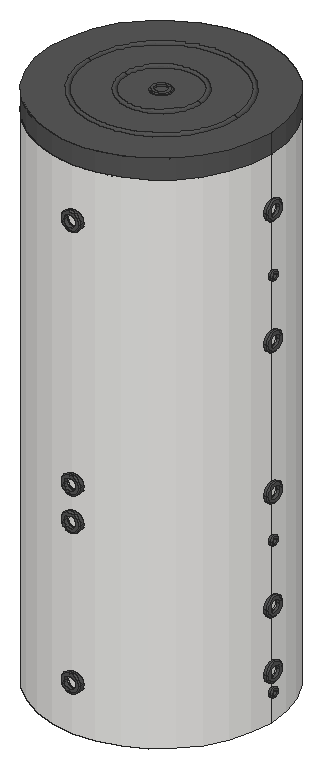
Revit family "S-tank_HFWT-DUO", category Оборудование, Revit 2019
Family settings
  Размер круглого соединителя = Использовать диаметр
  Классификация = Нет
  Тип детали = Нормальный
  На основе рабочей плоскости = Нет
  Всегда вертикально = Да
  При загрузке вырезать с полостями = Нет
  Общий = Нет
  Точка расчета площади = Нет
Parameters (values of type "HFWT DUO 1000")
  Разработка семейств = "https://rubim.tech/"
  Диаметрсизоляцией = 920 mm
  shrf = 17.5 mm
  rd [instance] = Диаметрсизоляцией / 2  # 460 mm
  a = Диаметрсизоляцией / 6  # 153.333 mm
  P = 685 mm
  O = 1920 mm
  N = 935 mm
  M = 795 mm
  L = 195 mm
  K = 1920 mm
  I = 1675 mm
  H = 2205 mm
  E = 1430 mm
  DN2 = 15 mm
  DN1 = 40 mm
  D = 865 mm
  C = 440 mm
  B = 195 mm
  ADSK_Примечание [instance] = ""
  ADSK_Позиция [instance] = ""
  ADSK_Обозначение = "HFWT DUO 1000"
  ADSK_Наименование краткое [instance] = "БEсГВС"
  ADSK_Наименование = "Буферная емкость c ГВС"
  ADSK_Масса_Текст [instance] = ""
  ADSK_Масса = 225
  ADSK_Марка = "HFWT DUO 1000"
  ADSK_Количество [instance] = 1  # constant formula
  ADSK_Код изделия = "2.4005"
  ADSK_Завод-изготовитель = "ООО “С-ТЭНК ВОТЕР ХИТЕРС”"
  ADSK_Единица измерения = "шт."  # constant formula
  ADSK_Группирование = "Оборудование"
  ADSK_URL документации изделия = "http://s-tank.ru/hfwt-duo/"
  A = 117 mm
Types (8, lengths in mm): name | Диаметрсизоляцией | rd | a | P | O | N | M | L | K | I | H | E | D | C | B | ADSK_Обозначение | ADSK_Масса | ADSK_Марка | ADSK_Код изделия | A
  HFWT DUO 300 | 630 | 315 | 105 | 420 | 1360 | 570 | 430 | 210 | 1360 | 1200 | 1600 | 1040 | 500 | 340 | 210 | "HFWT DUO 300" | 152 | "HFWT DUO 300" | "2.4002" | 125
  HFWT DUO 500 | 780 | 390 | 130 | 445 | 1355 | 605 | 465 | 205 | 1355 | 1195 | 1680 | 1035 | 535 | 355 | 205 | "HFWT DUO 500" | 170 | "HFWT DUO 500" | "2.4003" | 122
  HFWT DUO 750 | 920 | 460 | 153.333 | 460 | 1345 | 645 | 505 | 195 | 1345 | 1185 | 1630 | 1025 | 575 | 345 | 195 | "HFWT DUO 750" | 200 | "HFWT DUO 750" | "2.4004" | 117
  HFWT DUO 1000 | 920 | 460 | 153.333 | 685 | 1920 | 935 | 795 | 195 | 1920 | 1675 | 2205 | 1430 | 865 | 440 | 195 | "HFWT DUO 1000" | 225 | "HFWT DUO 1000" | "2.4005" | 117
  HFWT DUO 1200 | 1070 | 535 | 178.333 | 645 | 1665 | 1060 | 870 | 265 | 1665 | 1475 | 2080 | 1285 | 965 | 455 | 265 | "HFWT DUO 1200" | 255 | "HFWT DUO 1200" | "2.4006" | 177
  HFWT DUO 1500 | 1070 | 535 | 178.333 | 775 | 2000 | 1265 | 1020 | 285 | 2000 | 1755 | 2370 | 1510 | 1142 | 530 | 285 | "HFWT DUO 1500" | 320 | "HFWT DUO 1500" | "2.4007" | 177
  HFWT DUO 2000 | 1350 | 675 | 225 | 730 | 1750 | 1145 | 955 | 350 | 1750 | 1560 | 2100 | 1370 | 1050 | 540 | 350 | "HFWT DUO 2000" | 0 | "HFWT DUO 2000" | "2.4008" | 250
  HFWT DUO 3000 | 1630 | 815 | 271.667 | 845 | 1865 | 1260 | 1070 | 465 | 1865 | 1675 | 2315 | 1485 | 1165 | 655 | 465 | "HFWT DUO 3000" | 0 | "HFWT DUO 3000" | "2.4009" | 332
Reference planes
  plane 1 "По центру (Вперед/Назад)": y = 0
  plane 2: z = 0
  plane 3 "По центру (Влево/Вправо)": x = 0
  plane 4: z = 117
  plane 5: z = 195
  plane 6: z = 440
  plane 7: z = 865
  plane 8: z = 2205
  plane 9: x = 460
  plane 10: x = -460
  plane 11: x = 153.333
  plane 12: x = 306.667
  plane 13: y = -460
  plane 14: y = 460
  plane 15: z = 1430
  plane 16: z = 1675
  plane 17: z = 1920
  plane 18: z = 195
  plane 19: z = 795
  plane 20: z = 1920
  plane 21: z = 935
  plane 22: z = 685
Forms (mm)
  Extrusion 1, solid, material "RB_Серая порошковая"
    sketch origin (0, 0, 0) x (1, 0, 0) y (0, 1, 0)
      loop
        circle (0, 0) r 460
    from 0 to 2125
  Extrusion 2, solid, material "RB_Черный пластик"
    sketch origin (0, 0, 0) x (1, 0, 0) y (0, 1, 0)
      loop
        circle (0, 0) r 460
    from 2125 to 2205
  Revolve 3, solid, material "RB_Черный пластик"
    sketch origin (0, 0, 0) x (1, 0, 0) y (0, 0, 1)
      loop
        line (145.833, 2205) -> (160.833, 2205)
        arc (160.833, 2205) -> (153.333, 2212.5) -> (145.833, 2205) r 7.5
      loop
        line (299.167, 2205) -> (314.167, 2205)
        arc (314.167, 2205) -> (306.667, 2212.5) -> (299.167, 2205) r 7.5
      axis (0, 2205) -> (0, 2206)
    angle from 0 to 360
  Extrusion 4, solid, material "Пластик синий", not visible
    sketch origin (-10, 0, 0) x (1, 0, 0) y (0, 0, 1)
      loop
        arc (-214.477, 2447.343) -> (-231.977, 2440.094) -> (-239.226, 2422.594) r 24.749
        line (-239.226, 2422.594) -> (-239.226, 2312.833)
        arc (-239.226, 2312.833) -> (-231.977, 2295.333) -> (-214.477, 2288.085) r 24.749
        line (-214.477, 2288.085) -> (236.536, 2288.085)
        arc (236.536, 2288.085) -> (254.036, 2295.333) -> (261.285, 2312.833) r 24.749
        line (261.285, 2312.833) -> (261.285, 2420.032)
        arc (261.285, 2420.032) -> (253.285, 2439.344) -> (233.974, 2447.343) r 27.311
        line (233.974, 2447.343) -> (-214.477, 2447.343)
      loop
        arc (-214.477, 2439.053) -> (-226.115, 2434.232) -> (-230.936, 2422.594) r 16.459
        line (-230.936, 2422.594) -> (-230.936, 2331.316) -> (252.994, 2331.316) -> (252.994, 2420.032)
        arc (252.994, 2420.032) -> (247.423, 2433.482) -> (233.974, 2439.053) r 19.021
        line (233.974, 2439.053) -> (-214.477, 2439.053)
      loop
        line (-115.968, 2397.309) -> (-115.968, 2379.809) -> (-65.968, 2379.809) -> (-65.968, 2397.309) -> (-115.968, 2397.309)
      loop
        line (-35.422, 2407.249) -> (-35.422, 2351.314) -> (-17.922, 2351.314) -> (-17.922, 2407.249) -> (3.349, 2407.249) -> (10.977, 2424.749) -> (-55.778, 2424.749) -> (-55.778, 2407.249) -> (-35.422, 2407.249)
      loop
        line (-4.413, 2351.314) -> (16.363, 2351.314) -> (21.205, 2358.883) -> (45.502, 2358.883) -> (45.502, 2351.314) -> (63.002, 2351.314) -> (63.002, 2377.816) -> (33.319, 2377.816) -> (45.396, 2396.692) -> (45.396, 2384.046) -> (62.896, 2384.046) -> (62.896, 2407.227)
        arc (62.896, 2407.227) -> (56.009, 2420.523) -> (41.176, 2422.567) r 16.277
        line (41.176, 2422.567) -> (-4.413, 2351.314)
      loop
        line (86.328, 2400.911) -> (116.793, 2357.872)
        arc (116.793, 2357.872) -> (128.592, 2352.604) -> (138.978, 2360.291) r 12.812
        line (138.978, 2360.291) -> (138.978, 2425.291) -> (121.478, 2425.291) -> (121.478, 2377.488) -> (92.799, 2417.763)
        arc (92.799, 2417.763) -> (79.669, 2423.404) -> (68.828, 2414.092) r 13.5
        line (68.828, 2414.092) -> (68.828, 2351.314) -> (86.328, 2351.314) -> (86.328, 2400.911)
      loop
        line (148.978, 2425.291) -> (148.978, 2351.314) -> (166.478, 2351.314) -> (166.478, 2387.9) -> (192.095, 2351.314) -> (210.407, 2351.314) -> (181.682, 2392.337) -> (202.618, 2425.291) -> (184.847, 2425.291) -> (166.478, 2396.377) -> (166.478, 2425.291) -> (148.978, 2425.291)
    from 759.938 to 875
  Extrusion 5, solid, material "Пластик красный", not visible
    sketch origin (-10, 0, 0) x (1, 0, 0) y (0, 0, 1)
      loop
        line (-183.191, 2407.249) -> (-125.538, 2407.249)
        arc (-125.538, 2407.249) -> (-123.959, 2408.615) -> (-124.451, 2410.643) r 2.004
        line (-124.451, 2410.643) -> (-138.593, 2424.749) -> (-178.435, 2424.749)
        arc (-178.435, 2424.749) -> (-183.852, 2416.825) -> (-183.191, 2407.249) r 14.627
      loop
        line (-178.104, 2401.129) -> (-146.323, 2368.814) -> (-182.715, 2368.814)
        arc (-182.715, 2368.814) -> (-184.77, 2366.956) -> (-184.098, 2364.267) r 2.693
        line (-184.098, 2364.267) -> (-171.109, 2351.314) -> (-128.051, 2351.314)
        arc (-128.051, 2351.314) -> (-118.918, 2357.483) -> (-121.231, 2368.259) r 9.845
        line (-121.231, 2368.259) -> (-153.559, 2401.129) -> (-178.104, 2401.129)
    from -875 to 875
Lines and regions (mm)
  reference lines
    curve 1: line (0, -460, 51.978) -> (0, -460, -128.022)
    curve 2: line (460, 0, 51.978) -> (460, 0, -48.022)
    curve 3: line (325.269, -325.269, 51.978) -> (325.269, -325.269, -48.022)
Dimensions and locks
  "H": plane 8 to plane 2
  "D": plane 7 to plane 2
  "C": plane 6 to plane 2
  "B": plane 5 to plane 2
  "A": plane 4 to plane 2
  "Диаметрсизоляцией": plane 9 to plane 10
  equal spacing: plane 9, plane 3 "По центру (Влево/Вправо)", plane 10
  "a": plane 11 to plane 3 "По центру (Влево/Вправо)"
  "a": plane 12 to plane 11
  equal spacing: Revolve 3 sketch curve, plane 11, Revolve 3 sketch curve
  equal spacing: Revolve 3 sketch curve, plane 12, Revolve 3 sketch curve
  Revolve 3 sketch curve to Revolve 3 sketch curve = 15 mm  (x2)
  "shrf": Extrusion 4 sketch curve to Extrusion 4 sketch curve  (x11)
  Extrusion 4 sketch curve to Extrusion 4 sketch curve = 15 mm  (x2)
  "shrf": Extrusion 5 sketch curve to Extrusion 5 sketch curve  (x3)
  equal spacing: plane 14, plane 1 "По центру (Вперед/Назад)", plane 13
  "Диаметрсизоляцией": plane 14 to plane 13
  locked: Extrusion 2 to plane 8 at 80
  "E": plane 15 to level
  "I": plane 16 to level
  "K": plane 17 to level
  "M": plane 19 to level
  "N": plane 21 to level
  "O": plane 20 to level
  "P": plane 22 to level
  "L": plane 18 to level
  "Диаметрсизоляцией": diameter of Extrusion 1 sketch curve
  "Диаметрсизоляцией": diameter of Extrusion 2 sketch curve
  aligned and locked: level to plane 2
  aligned and locked: Extrusion 4 sketch curve to Extrusion 4 sketch curve  (x3)
  aligned and locked: Extrusion 4 to Extrusion 5 sketch curve
  aligned and locked: Extrusion 5 sketch curve to Extrusion 4
  aligned and locked: nested 5 to plane 1 "По центру (Вперед/Назад)"
  aligned and locked: plane 3 "По центру (Влево/Вправо)" to nested 3
  aligned and locked: plane 3 "По центру (Влево/Вправо)" to nested 4
  aligned and locked: plane 3 "По центру (Влево/Вправо)" to nested 1
  aligned and locked: plane 3 "По центру (Влево/Вправо)" to nested 2
  aligned and locked: curve 1 to nested 1
  aligned and locked: curve 1 to nested 2
  aligned and locked: curve 1 to nested 3
  aligned and locked: curve 1 to nested 4
  aligned and locked: curve 1 to plane 13
  aligned and locked: nested 6 to plane 4
  aligned and locked: nested 5 to plane 5
  aligned and locked: nested 8 to plane 6
  aligned and locked: curve 2 to nested 7
  aligned and locked: curve 2 to nested 8
  aligned and locked: curve 2 to nested 5
  aligned and locked: curve 2 to nested 6
  aligned and locked: curve 2 to plane 9
  aligned and locked: nested 9 to plane 1 "По центру (Вперед/Назад)"
  aligned and locked: nested 9 to plane 8
  aligned and locked: Extrusion 2 to plane 8
  aligned and locked: Extrusion 1 to Extrusion 2
  aligned and locked: Extrusion 1 to level
  aligned and locked: plane 20 to nested 1
  aligned and locked: plane 21 to nested 2
  aligned and locked: plane 19 to nested 3
  aligned and locked: plane 18 to nested 4
  aligned and locked: plane 22 to nested 7
  aligned and locked: curve 2 to nested 10
  aligned and locked: nested 10 to plane 7
  aligned and locked: plane 16 to nested 11
  aligned and locked: curve 2 to nested 11
  aligned and locked: plane 20 to nested 13
  aligned and locked: curve 2 to nested 13
  aligned and locked: curve 2 to nested 12
  aligned and locked: plane 15 to nested 12
Automatic sketch dimensions
  Extrusion 4 sketch curve to Extrusion 4 sketch curve = 0 mm  (x12)
  Extrusion 4 sketch curve to Extrusion 4 sketch curve = 8.29 mm
  Extrusion 4 sketch curve to Extrusion 4 sketch curve = 16.459 mm  (x3)
  Extrusion 4 sketch curve to Extrusion 4 sketch curve = 98.509 mm
  Extrusion 4 sketch curve to Extrusion 4 sketch curve = 50 mm
  Extrusion 4 sketch curve to Extrusion 4 sketch curve = 10.19 mm
  Extrusion 4 sketch curve to Extrusion 4 sketch curve = 20.356 mm
  Extrusion 4 sketch curve to Extrusion 4 sketch curve = 13.509 mm
  Extrusion 4 sketch curve to Extrusion 4 sketch curve = 4.843 mm
  Extrusion 4 sketch curve to Extrusion 4 sketch curve = 12.113 mm
  Extrusion 4 sketch curve to Extrusion 4 sketch curve = 30.199 mm
  Extrusion 4 sketch curve to Extrusion 4 sketch curve = 12.078 mm
  Extrusion 4 sketch curve to Extrusion 4 sketch curve = 12.183 mm
  Extrusion 4 sketch curve to Extrusion 4 sketch curve = 1.223 mm
  Extrusion 4 sketch curve to Extrusion 4 sketch curve = 5.932 mm
  Extrusion 4 sketch curve to Extrusion 4 sketch curve = 4.616 mm
  Extrusion 4 sketch curve to Extrusion 4 sketch curve = 11.087 mm
  Extrusion 4 sketch curve to Extrusion 4 sketch curve = 30.465 mm
  Extrusion 4 sketch curve to Extrusion 4 sketch curve = 4.684 mm
  Extrusion 4 sketch curve to Extrusion 4 sketch curve = 11.775 mm
  Extrusion 4 sketch curve to Extrusion 4 sketch curve = 10 mm
  Extrusion 4 sketch curve to Extrusion 4 sketch curve = 15.205 mm
  Extrusion 4 sketch curve to Extrusion 4 sketch curve = 18.369 mm
  Extrusion 4 sketch curve to Extrusion 4 sketch curve = 25.618 mm
  Extrusion 4 sketch curve to Extrusion 4 sketch curve = 17.771 mm
  Extrusion 4 sketch curve to Extrusion 4 sketch curve = 18.312 mm
  Extrusion 4 sketch curve to Extrusion 4 sketch curve = 31.356 mm
  Extrusion 4 sketch curve to Extrusion 4 sketch curve = 18.483 mm
  Extrusion 4 sketch curve to Extrusion 4 sketch curve = 38.481 mm
  Extrusion 4 sketch curve to Extrusion 4 sketch curve = 6.557 mm
  Extrusion 4 sketch curve to Extrusion 4 sketch curve = 8.977 mm
  Extrusion 4 sketch curve to Extrusion 4 sketch curve = 12.148 mm
  Extrusion 4 sketch curve to Extrusion 4 sketch curve = 28.495 mm
  Extrusion 4 sketch curve to Extrusion 4 sketch curve = 12.647 mm
  Extrusion 4 sketch curve to Extrusion 4 sketch curve = 6.316 mm
  Extrusion 4 sketch curve to Extrusion 4 sketch curve = 15.318 mm
  Extrusion 4 sketch curve to Extrusion 4 sketch curve = 9.148 mm
  Extrusion 4 sketch curve to Extrusion 4 sketch curve = 6.865 mm
  Extrusion 4 sketch curve to Extrusion 4 sketch curve = 5.259 mm
  Extrusion 4 sketch curve to Extrusion 4 sketch curve = 28.915 mm
  Extrusion 5 sketch curve to Extrusion 5 sketch curve = 0.908 mm
  Extrusion 5 sketch curve to Extrusion 5 sketch curve = 1.383 mm
  Extrusion 5 sketch curve to Extrusion 5 sketch curve = 1.904 mm
  Extrusion 5 sketch curve to Extrusion 5 sketch curve = 4.756 mm
  Extrusion 5 sketch curve to Extrusion 5 sketch curve = 5.086 mm
  Extrusion 5 sketch curve to Extrusion 5 sketch curve = 12.989 mm
  Extrusion 5 sketch curve to Extrusion 5 sketch curve = 8.698 mm
  Extrusion 5 sketch curve to Extrusion 5 sketch curve = 16.177 mm
  Extrusion 5 sketch curve to Extrusion 5 sketch curve = 24.787 mm
  Extrusion 5 sketch curve to Extrusion 5 sketch curve = 14.966 mm
  Extrusion 5 sketch curve to Extrusion 5 sketch curve = 18.272 mm
  Extrusion 5 sketch curve to Extrusion 5 sketch curve = 12.725 mm
  Extrusion 5 sketch curve to Extrusion 5 sketch curve = 0.33 mm
  Extrusion 5 sketch curve to Extrusion 5 sketch curve = 1.417 mm
  Extrusion 5 sketch curve to Extrusion 5 sketch curve = 6.82 mm
  Extrusion 5 sketch curve to Extrusion 5 sketch curve = 4.547 mm
  Extrusion 5 sketch curve to Extrusion 5 sketch curve = 1.977 mm
  Extrusion 4 sketch curve to Extrusion 4 sketch curve = 21.271 mm
  Extrusion 4 sketch curve to Extrusion 4 sketch curve = 7.628 mm
  Extrusion 4 sketch curve to Extrusion 4 sketch curve = 20.775 mm
  Extrusion 4 sketch curve to Extrusion 4 sketch curve = 26.129 mm
  Revolve 3 sketch curve to plane 3 "По центру (Влево/Вправо)" = 0 mm
  Revolve 3 sketch curve to plane 8 = 0 mm  (x2)
  Revolve 3 sketch curve to plane 8 = 100 mm
  Revolve 3 sketch curve to Revolve 3 sketch curve = 220 mm
  curve 2 to level = 48.022 mm
  level to curve 2 = 51.978 mm
  curve 3 to level = 48.022 mm
  level to curve 3 = 51.978 mm
  curve 1 to level = 128.022 mm
  level to curve 1 = 51.978 mm
  plane 1 "По центру (Вперед/Назад)" to Extrusion 1 sketch curve = 0 mm
  Extrusion 1 sketch curve to plane 3 "По центру (Влево/Вправо)" = 0 mm
  plane 1 "По центру (Вперед/Назад)" to Extrusion 2 sketch curve = 0 mm
  Extrusion 2 sketch curve to plane 3 "По центру (Влево/Вправо)" = 0 mm
Nested families
  nested 1: "патрубок" at (0, -460, 1920), DN <- "DN1", type "патрубок"
    with ВР no, L2 15 mm, L1 30 mm, Dv 50 mm, Dtv 44 mm, Dt 48 mm, Dn 80 mm, DN 40 mm
  nested 2: "патрубок" at (0, -460, 935), DN <- "DN1", type "патрубок"
    with ВР no, L2 15 mm, L1 30 mm, Dv 50 mm, Dtv 44 mm, Dt 48 mm, Dn 80 mm, DN 40 mm
  nested 3: "патрубок" at (0, -460, 795), DN <- "DN1", type "патрубок"
    with ВР no, L2 15 mm, L1 30 mm, Dv 50 mm, Dtv 44 mm, Dt 48 mm, Dn 80 mm, DN 40 mm
  nested 4: "патрубок" at (0, -460, 195), DN <- "DN1", type "патрубок"
    with ВР no, L2 15 mm, L1 30 mm, Dv 50 mm, Dtv 44 mm, Dt 48 mm, Dn 80 mm, DN 40 mm
  nested 5: "патрубок" at (460, 0, 195) x (0, 1, 0) z (0, 0, 1), DN <- "DN1", type "патрубок"
    with ВР no, L2 15 mm, L1 30 mm, Dv 50 mm, Dtv 44 mm, Dt 48 mm, Dn 80 mm, DN 40 mm
  nested 6: "патрубок" at (460, 0, 117) x (0, 1, 0) z (0, 0, 1), DN <- "DN2", type "патрубок"
    with ВР no, L2 15 mm, L1 30 mm, Dv 23.3 mm, Dtv 17.3 mm, Dt 21.3 mm, Dn 37.28 mm, DN 15 mm
  nested 7: "патрубок" at (460, 0, 685) x (0, 1, 0) z (0, 0, 1), DN <- "DN2", type "патрубок"
    with ВР no, L2 15 mm, L1 30 mm, Dv 23.3 mm, Dtv 17.3 mm, Dt 21.3 mm, Dn 37.28 mm, DN 15 mm
  nested 8: "патрубок" at (460, 0, 440) x (0, 1, 0) z (0, 0, 1), DN <- "DN1", type "патрубок"
    with ВР no, L2 15 mm, L1 30 mm, Dv 50 mm, Dtv 44 mm, Dt 48 mm, Dn 80 mm, DN 40 mm
  nested 9: "патрубок" at (0, 0, 2194.119) x (1, 0, 0) z (0, 1, 0), type "патрубок"
    with ВР no, L2 15 mm, L1 30 mm, Dv 50 mm, Dtv 44 mm, Dt 48 mm, Dn 80 mm, DN 40 mm
  nested 10: "патрубок" at (460, 0, 865) x (0, 1, 0) z (0, 0, 1), DN <- "DN1", type "патрубок"
    with ВР no, L2 15 mm, L1 30 mm, Dv 50 mm, Dtv 44 mm, Dt 48 mm, Dn 80 mm, DN 40 mm
  nested 11: "патрубок" at (460, 0, 1675) x (0, 1, 0) z (0, 0, 1), DN <- "DN2", type "патрубок"
    with ВР no, L2 15 mm, L1 30 mm, Dv 23.3 mm, Dtv 17.3 mm, Dt 21.3 mm, Dn 37.28 mm, DN 15 mm
  nested 12: "патрубок" at (460, 0, 1430) x (0, 1, 0) z (0, 0, 1), DN <- "DN1", type "патрубок"
    with ВР no, L2 15 mm, L1 30 mm, Dv 50 mm, Dtv 44 mm, Dt 48 mm, Dn 80 mm, DN 40 mm
  nested 13: "патрубок" at (460, 0, 1920) x (0, 1, 0) z (0, 0, 1), DN <- "DN1", type "патрубок"
    with ВР no, L2 15 mm, L1 30 mm, Dv 50 mm, Dtv 44 mm, Dt 48 mm, Dn 80 mm, DN 40 mm
Connectors
  piping at (0, -460, 1920), diameter 40, driven by "DN1"
    settings: on nested 1, index 9, connector inside diameter 609.6 mm, connector length 0 mm, flow factor 0, pipe flow 0.0 L/s, pressure drop 0.0 Pa, fitting loss kfactor 0, connector angle 0.00°, fixture units 0, engagement length 0 mm, angle of deflection 0.00°, flow configuration 0, flow direction 2, fitting loss method 0, system type 19, joint type 0, gender type 0, connector reference index -1, connector utility 0, adjustable connector no, is connector primary yes, connector description ""
  piping at (0, -460, 935), diameter 40, driven by "DN1"
    settings: on nested 2, index 10, connector inside diameter 609.6 mm, connector length 0 mm, flow factor 0, pipe flow 0.0 L/s, pressure drop 0.0 Pa, fitting loss kfactor 0, connector angle 0.00°, fixture units 0, engagement length 0 mm, angle of deflection 0.00°, flow configuration 0, flow direction 1, fitting loss method 0, system type 29, joint type 0, gender type 0, connector reference index -1, connector utility 0, adjustable connector no, is connector primary no, connector description ""
  piping at (0, -460, 795), diameter 40, driven by "DN1"
    settings: on nested 3, index 11, connector inside diameter 609.6 mm, connector length 0 mm, flow factor 0, pipe flow 0.0 L/s, pressure drop 0.0 Pa, fitting loss kfactor 0, connector angle 0.00°, fixture units 0, engagement length 0 mm, angle of deflection 0.00°, flow configuration 0, flow direction 1, fitting loss method 0, system type 7, joint type 0, gender type 0, connector reference index -1, connector utility 0, adjustable connector no, is connector primary no, connector description ""
  piping at (0, -460, 195), diameter 40, driven by "DN1"
    settings: on nested 4, index 12, connector inside diameter 609.6 mm, connector length 0 mm, flow factor 0, pipe flow 0.0 L/s, pressure drop 0.0 Pa, fitting loss kfactor 0, connector angle 0.00°, fixture units 0, engagement length 0 mm, angle of deflection 0.00°, flow configuration 0, flow direction 2, fitting loss method 0, system type 7, joint type 0, gender type 0, connector reference index -1, connector utility 0, adjustable connector no, is connector primary no, connector description ""
  piping at (460, 0, 685), diameter 15, driven by "DN2"
    settings: on nested 7, index 13, connector inside diameter 609.6 mm, connector length 0 mm, flow factor 0, pipe flow 0.0 L/s, pressure drop 0.0 Pa, fitting loss kfactor 0, connector angle 0.00°, fixture units 0, engagement length 0 mm, angle of deflection 0.00°, flow configuration 0, flow direction 0, fitting loss method 0, system type 7, joint type 0, gender type 0, connector reference index -1, connector utility 0, adjustable connector no, is connector primary no, connector description ""
  piping at (460, 0, 440), diameter 40, driven by "DN1"
    settings: on nested 8, index 14, connector inside diameter 609.6 mm, connector length 0 mm, flow factor 0, pipe flow 0.0 L/s, pressure drop 0.0 Pa, fitting loss kfactor 0, connector angle 0.00°, fixture units 0, engagement length 0 mm, angle of deflection 0.00°, flow configuration 0, flow direction 0, fitting loss method 0, system type 7, joint type 0, gender type 0, connector reference index -1, connector utility 0, adjustable connector no, is connector primary no, connector description ""
  piping at (460, 0, 195), diameter 40, driven by "DN1"
    settings: on nested 5, index 15, connector inside diameter 609.6 mm, connector length 0 mm, flow factor 0, pipe flow 0.0 L/s, pressure drop 0.0 Pa, fitting loss kfactor 0, connector angle 0.00°, fixture units 0, engagement length 0 mm, angle of deflection 0.00°, flow configuration 0, flow direction 2, fitting loss method 0, system type 8, joint type 0, gender type 0, connector reference index -1, connector utility 0, adjustable connector no, is connector primary no, connector description ""
  piping at (460, 0, 117), diameter 15, driven by "DN2"
    settings: on nested 6, index 16, connector inside diameter 609.6 mm, connector length 0 mm, flow factor 0, pipe flow 0.0 L/s, pressure drop 0.0 Pa, fitting loss kfactor 0, connector angle 0.00°, fixture units 0, engagement length 0 mm, angle of deflection 0.00°, flow configuration 0, flow direction 0, fitting loss method 0, system type 29, joint type 0, gender type 0, connector reference index -1, connector utility 0, adjustable connector no, is connector primary no, connector description ""
  piping at (0, 0, 2194.119), diameter 40, driven by "DN1"
    settings: on nested 9, index 21, connector inside diameter 609.6 mm, connector length 0 mm, flow factor 0, pipe flow 0.0 L/s, pressure drop 0.0 Pa, fitting loss kfactor 0, connector angle 0.00°, fixture units 0, engagement length 0 mm, angle of deflection 0.00°, flow configuration 0, flow direction 0, fitting loss method 0, system type 7, joint type 0, gender type 0, connector reference index -1, connector utility 0, adjustable connector no, is connector primary no, connector description ""
  piping at (460, 0, 865), diameter 40, driven by "DN1"
    settings: on nested 10, index 22, connector inside diameter 609.6 mm, connector length 0 mm, flow factor 0, pipe flow 0.0 L/s, pressure drop 0.0 Pa, fitting loss kfactor 0, connector angle 0.00°, fixture units 0, engagement length 0 mm, angle of deflection 0.00°, flow configuration 0, flow direction 0, fitting loss method 0, system type 29, joint type 0, gender type 0, connector reference index -1, connector utility 0, adjustable connector no, is connector primary no, connector description ""
  piping at (460, 0, 1675), diameter 15, driven by "DN2"
    settings: on nested 11, index 23, connector inside diameter 609.6 mm, connector length 0 mm, flow factor 0, pipe flow 0.0 L/s, pressure drop 0.0 Pa, fitting loss kfactor 0, connector angle 0.00°, fixture units 0, engagement length 0 mm, angle of deflection 0.00°, flow configuration 0, flow direction 0, fitting loss method 0, system type 7, joint type 0, gender type 0, connector reference index -1, connector utility 0, adjustable connector no, is connector primary no, connector description ""
  piping at (460, 0, 1430), diameter 40, driven by "DN1"
    settings: on nested 12, index 24, connector inside diameter 609.6 mm, connector length 0 mm, flow factor 0, pipe flow 0.0 L/s, pressure drop 0.0 Pa, fitting loss kfactor 0, connector angle 0.00°, fixture units 0, engagement length 0 mm, angle of deflection 0.00°, flow configuration 0, flow direction 0, fitting loss method 0, system type 7, joint type 0, gender type 0, connector reference index -1, connector utility 0, adjustable connector no, is connector primary no, connector description ""
  piping at (460, 0, 1920), diameter 40, driven by "DN1"
    settings: on nested 13, index 25, connector inside diameter 609.6 mm, connector length 0 mm, flow factor 0, pipe flow 0.0 L/s, pressure drop 0.0 Pa, fitting loss kfactor 0, connector angle 0.00°, fixture units 0, engagement length 0 mm, angle of deflection 0.00°, flow configuration 0, flow direction 0, fitting loss method 0, system type 7, joint type 0, gender type 0, connector reference index -1, connector utility 0, adjustable connector no, is connector primary no, connector description ""
Definition of nested family "патрубок"
  Parameters (values of type "патрубок")
    ВР [instance] = yes
    L2 [instance] = if(ВР, L1 + 20 mm, L1 - 15 mm)  # 50 mm
    L1 [instance] = 30 mm
    Dv [instance] = Dt + 2 mm  # 50 mm
    Dtv [instance] = Dt - 4 mm  # 44 mm
    Dt [instance] = if(DN = 15 mm, 21.3 mm, if(DN = 20 mm, 26.8 mm, if(DN = 25 mm, 33.5 mm, if(DN = 32 mm, 42.3 mm, if(DN = 40 mm, 48 mm, if(DN = 50 mm, 60 mm, 15 mm))))))  # 48 mm
    Dn [instance] = Dv * 1.6  # 80 mm
    DN [instance] = 40 mm
    2 = none
    1 = none
  Reference planes
    plane 1 "По центру (Вперед/Назад)": y = 0
    plane 2: z = 0
    plane 3 "По центру (Влево/Вправо)": x = 0
  Forms (mm)
    Extrusion 1, solid, material <- "1"
      sketch origin (0, 0, 0) x (1, 0, 0) y (0, 0, 1)
        loop
          circle (0, 0) r 40
        loop
          circle (0, 0) r 25
      from -15 to 15
    Extrusion 2, solid, material <- "2"
      sketch origin (0, 0, 0) x (1, 0, 0) y (0, 0, 1)
        loop
          circle (0, 0) r 24
        loop
          circle (0, 0) r 22
      from -15 to 35
    Sweep 3, void
      path in 3D
        loop
          arc (40, -15, 0) -> (0, -15, -40) -> (-40, -15, 0) r 40
          arc (-40, -15, 0) -> (0, -15, 40) -> (40, -15, 0) r 40
      profile origin (0, -15, 40) x (0, 0, 1) y (0, -1, 0)
        loop
          line (0, -4.119) -> (0, 0) -> (-4.119, 0) -> (0, -4.119)
  Cuts and joins
    Sweep 3 cuts Extrusion 1
  Lines and regions (mm)
    sketch lines
      curve 1: arc (-40, -15, 0) -> (0, -15, 40) -> (40, -15, 0) r 40
      curve 2: arc (40, -15, 0) -> (0, -15, -40) -> (-40, -15, 0) r 40
  Dimensions and locks
    "L1": Extrusion 1 to Extrusion 1
    equal spacing: Extrusion 1, plane 1 "По центру (Вперед/Назад)", Extrusion 1
    "L2": Extrusion 1 to Extrusion 2
    "Dn": diameter of Extrusion 1 sketch curve
    "Dv": diameter of Extrusion 1 sketch curve
    "Dt": diameter of Extrusion 2 sketch curve
    "Dtv": diameter of Extrusion 2 sketch curve
    locked: profile plane to Sweep 3 sketch curve (angle 45.00°)
    aligned and locked: level to plane 2
    aligned and locked: Extrusion 1 to Extrusion 2
    aligned and locked: Sweep 3 sketch curve to profile plane
    aligned and locked: profile plane to Sweep 3 sketch curve
  Automatic sketch dimensions
    profile plane to Sweep 3 sketch curve = 4.119 mm
    Extrusion 1 sketch curve to Extrusion 1 sketch curve = 0 mm  (x2)
    Extrusion 1 sketch curve to level = 0 mm
    Extrusion 1 sketch curve to plane 3 "По центру (Влево/Вправо)" = 0 mm
    Extrusion 2 sketch curve to Extrusion 2 sketch curve = 0 mm  (x2)
    Extrusion 2 sketch curve to level = 0 mm
    Extrusion 2 sketch curve to plane 3 "По центру (Влево/Вправо)" = 0 mm
